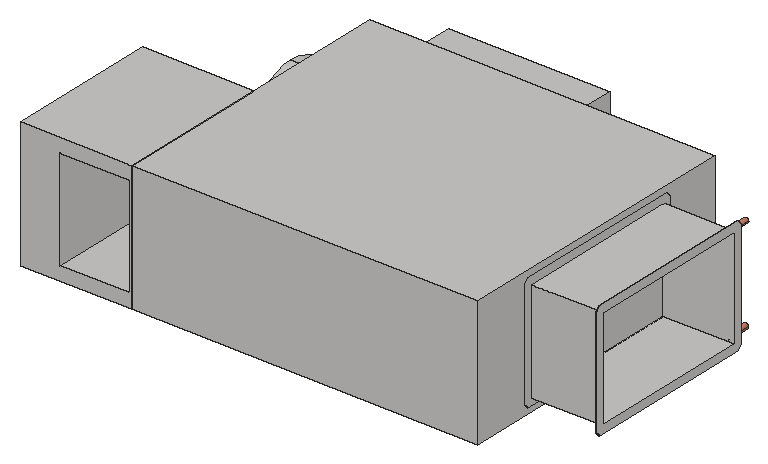
Revit family
Parameters
  Width = 3' - 1"
  Voltage = 277 V
  Unit Weight = if(and(Size Option = 1, Number of Rows = 1), "189.0 lbs", if(and(Size Option = 1, Number of Rows = 2), "192.0 lbs", if(and(Size Option = 2, Number of Rows = 1), "194.0 lbs", if(and(Size Option = 2, Number of Rows = 2), "197.0 lbs", "0"))))  # "194.0 lbs"
  UltraLoc Liner = Choose Liner Option = 3  # no
  URL = "http://www.titus-hvac.com/"
  UL = "181"
  Supply Air Flow [instance] = 0 CFM
  SteriLoc Liner = Choose Liner Option = 2  # no
  Size Option = 2
  Size C = Size Option = 2  # yes
  Size B = Size Option = 1  # no
  Secondary Material = Copper Connectors
  Primary Air Pressure Drop [instance] = 0.00 in-wg
  Primary Air Flow [instance] = 0 CFM
  Pressure [instance] = 0.00 psi
  Plenum Air Pressure Drop [instance] = 0.00 in-wg
  Plenum Air Flow [instance] = 0 CFM
  Outlet Width = 1' - 8 1/2"
  Outlet Height = 1' - 0 1/2"
  Number of Rows = 1
  Number of Poles = 1
  Nominal Width = Width + 0' 6 1/4"  # 3' - 7 1/4"
  Nominal Length = Length + 1' 1 7/8" + 0' 9"  # 5' - 5 7/8"
  Nominal Inlet Size = 1' - 0"
  Nominal Height = 1' - 4"
  NFPA = "90A"
  Motor Full Load Amps [instance] = 1.4 A
  Model = "DTFS-F"
  Min. Air Flow = 0 CFM
  Max. Air Flow = 2000 CFM
  Material = Galvanized Steel
  Manufacturer = "Titus"
  Length = 3' - 7"
  Juction Box Offset = 0' - 4 7/8"
  Inlet Diameter = Nominal Inlet Size - 0' 0 1/8"  # 0' - 11 7/8"
  Induced Air Inlet Width = 1' - 1 7/8"
  Induced Air Inlet Offset = (Height - Induced Air Inlet Connection Height) / 2  # 0' - 1 11/16"
  Induced Air Inlet Height = 1' - 7"
  Induced Air Inlet Connection Width = 0' - 8 3/4"
  Induced Air Inlet Connection Height = 1' - 0 5/8"
  Induced Air Filter = no
  Height = 1' - 4"
  Heating Total Capacity [instance] = 0 Btu/h
  Heating Entering Water Temp = 0 °F
  Half Outlet Connection Width = Outlet Width / 2  # 0' - 10 1/4"
  Half Outlet Connection Height = Outlet Height / 2  # 0' - 6 1/4"
  Half Height Start = -(Height / 2)  # -0' - 8"
  Half Height End = Height / 2  # 0' - 8"
  HWC Option = HWC Section : B-C - 1 Row
  HWC Connector Radius = 5/16"
  HP-Motor = "1/4"
  Gallons Per Minute [instance] = 0 GPM
  Frequency = 60 Hz
  Flange Offset = 0' - 1"
  Filter Size = "11\"x14\""
  Fiber Free Liner = Choose Liner Option = 1  # no
  Fan Disconnect Switch = no
  Duct Radius = Nominal Inlet Size / 2  # 0' - 6"
  Description = "Ultra Quiet Series Fan Powered Terminal Unit, Direct Digital Control, Pressure Independent"
  Connector Vertical Offset = 0' - 11 3/4"
  HWC Connector Length = 0' - 3"
  Connector Horizontal Offset = if(Number of Rows = 1, 0' 0", if(Number of Rows = 2, 0' 1", 0' 0"))  # 0' - 0"
  Connection Void Radius = Connection Radius - 0' 0 1/4"  # 0' - 5 11/16"
  Connection Radius = Inlet Diameter / 2  # 0' - 5 15/16"
  Choose Liner Option = 0
  CADworks URL = "www.CADworks.net"
  Assembly Code = "D3040100"
  Apparent Power [instance] = Voltage * Motor Full Load Amps  # 387.8 VA
  Air Inlet Offset = 0' - 8"
  1/2" Fiberglass Liner = Choose Liner Option = 0  # yes
  1" Fiberglass Liner = Choose Liner Option = 4  # no
Reference planes (in)
  plane 1 "Center (Front/Back)": y = 0
  plane 2: z = 0
  plane 3 "Center (Left/Right)": x = 3
  plane 4: x = -18.5
  plane 5: x = 24.5
  plane 6: x = -13.625
  plane 7: x = -21.875
  plane 8: z = 0
  plane 9: y = -18.5
  plane 10: y = 18.5
  plane 11: y = 10.5
  plane 12: z = 0
  plane 13: x = 33.5
  plane 14: x = 32.5
  plane 15: y = 13.25
  plane 16: y = 10.25
  plane 17: z = 5.875
  plane 18: z = -5.875
  plane 19: x = 32.5
  plane 20: y = 24.75
  plane 21: x = -32.375
  plane 22: z = 8
  plane 23: z = -8
Forms (in)
  Extrusion 1, solid, material "Galvanized Steel" <- "Material"
    sketch origin (0, 0, 0) x (1, 0, 0) y (0, 1, 0)
      loop
        line (-18.5, 18.5) -> (-18.5, -18.5) -> (24.5, -18.5) -> (24.5, 18.5) -> (-18.5, 18.5)
    from -8 <- "Half Height Start" to 8 <- "Half Height End"
  Extrusion 2, solid, material "Galvanized Steel" <- "Material"
    sketch origin (0, 0, 0) x (1, 0, 0) y (0, 1, 0)
      loop
        line (-32.375, 0.5) -> (-32.375, -18.5) -> (-18.5, -18.5) -> (-18.5, 0.5) -> (-32.375, 0.5)
    from -8 <- "Half Height Start" to 8 <- "Half Height End"
  Extrusion 3, void
    sketch origin (0, -18.5, 0) x (1, 0, 0) y (0, 0, -1)
      loop
        line (-18.75, 6.3125) -> (-27.5, 6.3125) -> (-27.5, -6.3125) -> (-18.75, -6.3125) -> (-18.75, 6.3125)
    from 0 to 16
  Extrusion 4, solid, material "Galvanized Steel" <- "Material"
    sketch origin (5, 0, 30) x (1, 0, 0) y (0, 1, 0)
      loop
        line (-18.625, 18.5) -> (1.375, 18.5) -> (1.375, 24.75) -> (-18.625, 24.75) -> (-18.625, 18.5)
    from -36 to -24
  Extrusion 5, solid, material "Galvanized Steel" <- "Material"
    sketch origin (-24.875, -2, 0) x (0, 0, -1) y (0, 1, 0)
      loop
        circle (0, 12.5) r 5.9375
    from 3 to 6.375
  Extrusion 6, void
    sketch origin (-24.875, 0, 0) x (0, 1, 0) y (0, 0, 1)
      loop
        circle (10.5, 0) r 5.6875
    from 3 to 11.25
  Extrusion 7, void, detail levels fine
    sketch origin (33.5, -10.25, 6.25) x (0, 0, 1) y (0, -1, 0)
      loop
        line (-12.5, 0) -> (-12.5, -20.5) -> (0, -20.5) -> (0, 0) -> (-12.5, 0)
    from -0.0625 to 0
  Extrusion 8, solid, material "Copper Connectors" <- "Secondary Material", detail levels fine
    sketch origin (0, 0, 0) x (1, 0, 0) y (0, 0, 1)
      loop
        circle (32.5, 5.875) r 0.3125
    from -13.25 to -10.3125
  Extrusion 9, solid, material "Copper Connectors" <- "Secondary Material", detail levels fine
    sketch origin (0, 0, 0) x (1, 0, 0) y (0, 0, 1)
      loop
        circle (32.5, -5.875) r 0.3125
    from -13.25 to -10.3125
Cuts and joins
  Extrusion 3 cuts Extrusion 2
  Extrusion 6 cuts Extrusion 1
  Extrusion 6 cuts Extrusion 5
Dimensions and locks (in)
  "Length": plane 5 to plane 4
  equal spacing: plane 5, plane 3 "Center (Left/Right)", plane 4
  locked: Extrusion 4 to plane 6 at 0
  locked: Extrusion 4 to Extrusion 4 at 20
  "Juction Box Offset": plane 6 to plane 4
  locked: plane 4 to plane 7 at 3.375
  "Width": plane 9 to plane 10
  equal spacing: plane 9, plane 1 "Center (Front/Back)", plane 10
  locked: Extrusion 5 sketch curve to level at 0
  locked: Extrusion 5 sketch curve to plane 11 at 0
  locked: Extrusion 6 sketch curve to level at 0
  locked: Extrusion 6 sketch curve to plane 11 at 0
  locked: Extrusion 4 to Extrusion 4 at 6.25
  locked: Extrusion 4 to Extrusion 4 at 12
  equal spacing: Extrusion 4, plane 8, Extrusion 4
  "Air Inlet Offset": plane 10 to plane 11
  "Induced Air Inlet Height": cut or joined group of Extrusion 2, Extrusion 3 to cut or joined group of Extrusion 2, Extrusion 3
  locked: cut or joined group of Extrusion 5, Extrusion 6 to cut or joined group of Extrusion 5, Extrusion 6 at 3.375
  "Induced Air Inlet Connection Height": Extrusion 3 sketch curve to Extrusion 3 sketch curve
  "Induced Air Inlet Offset": Extrusion 3 sketch curve to cut or joined group of Extrusion 2, Extrusion 3
  "Induced Air Inlet Connection Width": Extrusion 3 sketch curve to Extrusion 3 sketch curve
  locked: Extrusion 3 sketch curve to cut or joined group of Extrusion 1, Extrusion 6 at 0.25
  locked: plane 5 to plane 13 at 9
  locked: plane 14 to plane 13 at 1
  locked: plane 17 to plane 18 at 11.75
  equal spacing: plane 17, plane 12, plane 18
  "Connector Horizontal Offset": plane 19 to plane 14
  "HWC Connector Length": plane 16 to plane 15
  locked: cut or joined group of Extrusion 2, Extrusion 3 to cut or joined group of Extrusion 2, Extrusion 3 at 16
  equal spacing: cut or joined group of Extrusion 2, Extrusion 3, plane 12, cut or joined group of Extrusion 2, Extrusion 3
  locked: cut or joined group of Extrusion 1, Extrusion 6 to cut or joined group of Extrusion 2, Extrusion 3 at 16
  equal spacing: cut or joined group of Extrusion 1, Extrusion 6, plane 12, cut or joined group of Extrusion 1, Extrusion 6
  locked: cut or joined group of Extrusion 2, Extrusion 3 to cut or joined group of Extrusion 2, Extrusion 3 at 13.875
  locked: nested 1 to cut or joined group of Extrusion 1, Extrusion 6 at 1.6875
  locked: cut or joined group of Extrusion 1, Extrusion 6 to nested 1 at 1.6875
  "Connection Radius": radius of Extrusion 5 sketch curve
  "Connection Void Radius": radius of Extrusion 6 sketch curve
  "HWC Connector Radius": radius of Extrusion 8 sketch curve
  "HWC Connector Radius": radius of Extrusion 9 sketch curve
  aligned and locked: plane 10 to Extrusion 4
  aligned and locked: plane 7 to cut or joined group of Extrusion 5, Extrusion 6
  aligned and locked: plane 9 to cut or joined group of Extrusion 2, Extrusion 3  (x3)
  aligned and locked: nested 1 to Extrusion 8
  aligned and locked: plane 15 to Extrusion 8
  aligned and locked: nested 1 to Extrusion 9
  aligned and locked: plane 15 to Extrusion 9
  aligned and locked: plane 5 to cut or joined group of Extrusion 1, Extrusion 6
  aligned and locked: cut or joined group of Extrusion 1, Extrusion 6 to plane 10
  aligned and locked: plane 9 to cut or joined group of Extrusion 1, Extrusion 6
  aligned and locked: cut or joined group of Extrusion 1, Extrusion 6 to plane 4
  aligned and locked: cut or joined group of Extrusion 1, Extrusion 6 to nested 1
  aligned and locked: cut or joined group of Extrusion 5, Extrusion 6 to cut or joined group of Extrusion 1, Extrusion 6
  aligned and locked: cut or joined group of Extrusion 2, Extrusion 3 to cut or joined group of Extrusion 1, Extrusion 6
  aligned and locked: plane 6 to Extrusion 6
  aligned and locked: Extrusion 6 to plane 7
  aligned and locked: plane 22 to cut or joined group of Extrusion 2, Extrusion 3
  aligned and locked: plane 22 to cut or joined group of Extrusion 1, Extrusion 6
  aligned and locked: plane 23 to cut or joined group of Extrusion 2, Extrusion 3
  aligned and locked: plane 23 to cut or joined group of Extrusion 1, Extrusion 6
  aligned and locked: plane 20 to Extrusion 4
  aligned and locked: plane 13 to nested 1
  aligned and locked: plane 21 to cut or joined group of Extrusion 2, Extrusion 3
Automatic sketch dimensions
  Extrusion 1 sketch curve to plane 4 = 0' - 0"
  Extrusion 1 sketch curve to plane 5 = 0' - 0"
  Extrusion 1 sketch curve to plane 9 = 0' - 0"
  Extrusion 1 sketch curve to plane 10 = 0' - 0"
  Extrusion 2 sketch curve to plane 4 = 0' - 0"
  Extrusion 2 sketch curve to plane 9 = 0' - 0"
  Extrusion 2 sketch curve to plane 1 "Center (Front/Back)" = 0' - 0 1/2"
  Extrusion 4 sketch curve to plane 6 = 0' - 0"
  Extrusion 4 sketch curve to plane 10 = 0' - 0"
  plane 3 "Center (Left/Right)" to Extrusion 4 sketch curve = 0' - 3 3/8"
  Extrusion 4 sketch curve to plane 10 = 0' - 6 1/4"
  Extrusion 2 sketch curve to plane 7 = 0' - 10 1/2"
  Extrusion 7 sketch curve to nested 1 = 0' - 0"  (x4)
  Extrusion 8 sketch curve to plane 17 = 0' - 0"
  Extrusion 8 sketch curve to plane 19 = 0' - 0"
  Extrusion 9 sketch curve to plane 14 = 0' - 0"
  Extrusion 9 sketch curve to plane 18 = 0' - 0"
Nested families (in)
  nested 1: "HWC Section" at (29, 0, 0) x (0, 1, 0) z (0, 0, 1), type <- "HWC Option", type "B-C - 1 Row"
Connectors (in)
  electrical at (-3.625, 24.75, 0), driven by "Apparent Power", driven by "Voltage", driven by "Number of Poles"
    settings: on Extrusion 4, index 8
  hvac at (-21.875, 10.5, 0), driven by "Duct Radius", driven by "Primary Air Pressure Drop", driven by "Primary Air Flow"
    settings: on cut or joined group of Extrusion 5, Extrusion 6, index 9
  hvac at (-23.125, -18.5, 0), driven by "Induced Air Inlet Connection Height", driven by "Induced Air Inlet Connection Width", driven by "Plenum Air Pressure Drop", driven by "Plenum Air Flow"
    settings: on cut or joined group of Extrusion 2, Extrusion 3, index 10
  hvac at (33.5, 0, 0), driven by "Outlet Height", driven by "Outlet Width", driven by "Supply Air Flow"
    settings: on Extrusion 7, index 11
  piping at (32.5, 13.25, 5.875), driven by "Gallons Per Minute", driven by "Pressure", driven by "HWC Connector Radius"
    settings: on Extrusion 8, index 12
  piping at (32.5, 13.25, -5.875), driven by "Gallons Per Minute", driven by "HWC Connector Radius", driven by "Pressure"
    settings: on Extrusion 9, index 13
Definition of nested family "HWC Section"
  Parameters (values of type "B-C - 1 Row")
    Visibility = yes
    Secondary Material = Copper Connectors
    Number of Rows = 1
    Material = Galvanized Steel
    Half Width = HWC Width / 2  # 0' - 10 1/4"
    Half Length-Start = -(HWC Length / 2)  # -0' - 4 1/2"
    Half Length-End = HWC Length / 2  # 0' - 4 1/2"
    HWC Connection Radius = 5/16"
    Flange Offset = 0' - 1"
    Duct Vertical Offset = HWC Height - 0' 0 1/2"  # 1' - 0"
    Duct Horizontal Offset = HWC Width - 0' 0 1/2"  # 1' - 8"
    Connector Vertical Offset = 0' - 11 3/4"
    HWC Width = 1' - 8 1/2"
    HWC Height = 1' - 0 1/2"
    HWC Length = 0' - 9"  # constant formula
    Gallons Per Minute = 0 GPM
    Connector Length = 0' - 3"
    Connector Horizontal Offset = 0' - 0"
  Types (5): name | Number of Rows | Half Width | Flange Offset | Duct Vertical Offset | Duct Horizontal Offset | Connector Vertical Offset | HWC Width | HWC Height | Connector Horizontal Offset
    (no name) | 1 | 0' - 10 1/4" | 0' - 1" | 1' - 0" | 1' - 8" | 0' - 11 3/4" | 1' - 8 1/2" | 1' - 0 1/2" | 0' - 0"
    B-C - 1 Row | 1 | 0' - 10 1/4" | 0' - 1" | 1' - 0" | 1' - 8" | 0' - 11 3/4" | 1' - 8 1/2" | 1' - 0 1/2" | 0' - 0"
    B-C - 2 Row | 2 | 0' - 10 1/4" | 0' - 1" | 1' - 0" | 1' - 8" | 0' - 11 3/4" | 1' - 8 1/2" | 1' - 0 1/2" | 0' - 1"
    D-E - 1 Row | 1 | 1' - 0 1/2" | 0' - 1 1/4" | 1' - 5" | 2' - 0 1/2" | 1' - 4 1/4" | 2' - 1" | 1' - 5 1/2" | 0' - 0"
    D-E - 2 Row | 2 | 1' - 0 1/2" | 0' - 1 1/4" | 1' - 5" | 2' - 0 1/2" | 1' - 4 3/4" | 2' - 1" | 1' - 5 1/2" | 0' - 1"
  Reference planes (in)
    plane 1 "Center (Front/Back)": y = 0
    plane 2: z = 0
    plane 3 "Center (Left/Right)": x = 0
    plane 4: x = -10.25
    plane 5: x = 10.25
    plane 6: y = 4.5
    plane 7: y = -4.5
    plane 8: z = 6.25
    plane 9: z = -6.25
    plane 10: z = 5.875
    plane 11: z = -5.875
    plane 12: y = 3.5
    plane 13: y = 3.5
    plane 14: x = 13.25
  Forms (in)
    Extrusion 1, solid, material "Galvanized Steel" <- "Material", visible <- "Visibility"
      sketch origin (0, 0, 0) x (1, 0, 0) y (0, 0, 1)
        loop
          line (-10.3125, 6.3125) -> (-10.3125, -6.3125) -> (10.3125, -6.3125) -> (10.3125, 6.3125) -> (-10.3125, 6.3125)
      from -4.375 <- "Half Length-Start" to 4.5 <- "Half Length-End"
    Extrusion 2, void, detail levels fine
      sketch origin (0, 0, 0) x (1, 0, 0) y (0, 0, 1)
        loop
          line (-10.25, -6.25) -> (10.25, -6.25) -> (10.25, 6.25) -> (-10.25, 6.25) -> (-10.25, -6.25)
      from -4.5 <- "Half Length-Start" to 4.5 <- "Half Length-End"
    Extrusion 3, solid, material "Copper Connectors" <- "Secondary Material", visible <- "Visibility"
      sketch origin (6, 2.625, 0) x (0, 1, 0) y (0, 0, 1)
        loop
          circle (0.875, -5.875) r 0.3125
      from 4.3125 to 7.25
    Extrusion 4, solid, material "Galvanized Steel" <- "Material", visible <- "Visibility"
      sketch origin (0, -4.375, 0) x (1, 0, 0) y (0, 0, 1)
        loop
          line (-10.25, 6.25) -> (-10.25, -6.25) -> (10.25, -6.25) -> (10.25, 6.25) -> (-10.25, 6.25)
        loop
          line (-11.25, 6.75) -> (-11.25, -6.75) -> (-10.75, -7.25) -> (10.75, -7.25) -> (11.25, -6.75) -> (11.25, 6.75) -> (10.75, 7.25) -> (-10.75, 7.25) -> (-11.25, 6.75)
      from 0 to 0.125
    Extrusion 5, solid, material "Copper Connectors" <- "Secondary Material", visible <- "Visibility"
      sketch origin (6, -0.5, 0) x (0, 1, 0) y (0, 0, 1)
        loop
          circle (4, 5.875) r 0.3125
      from 4.3125 to 7.25
    Extrusion 6, solid, material "Galvanized Steel" <- "Material", visible <- "Visibility"
      sketch origin (0, 4.375, 0) x (1, 0, 0) y (0, 0, -1)
        loop
          line (-10.25, -6.25) -> (10.25, -6.25) -> (10.25, 6.25) -> (-10.25, 6.25) -> (-10.25, -6.25)
        loop
          line (-11.25, -6.75) -> (-10.75, -7.25) -> (10.75, -7.25) -> (11.25, -6.75) -> (11.25, 6.75) -> (10.75, 7.25) -> (-10.75, 7.25) -> (-11.25, 6.75) -> (-11.25, -6.75)
      from 0 to 0.125
  Cuts and joins
    Extrusion 2 cuts Extrusion 1
    joined: Extrusion 1, Extrusion 4, Extrusion 6
  Dimensions and locks (in)
    "HWC Width": plane 4 to plane 5
    equal spacing: plane 4, plane 3 "Center (Left/Right)", plane 5
    "HWC Height": plane 8 to plane 9
    equal spacing: plane 8, plane 2, plane 9
    equal spacing: plane 10, plane 2, plane 11
    locked: plane 12 to plane 6 at 1
    "Connector Horizontal Offset": plane 13 to plane 12
    locked: plane 7 to Extrusion 4 at 0.125
    locked: Extrusion 6 to plane 6 at 0.125
    locked: plane 4 to Extrusion 1 sketch curve at 0.0625
    locked: Extrusion 4 to Extrusion 1 sketch curve at 0.0625
    locked: Extrusion 1 sketch curve to plane 8 at 0.0625
    locked: plane 9 to Extrusion 1 sketch curve at 0.0625
    "Connector Length": plane 5 to plane 14
    "HWC Length": plane 6 to plane 7
    equal spacing: plane 6, plane 1 "Center (Front/Back)", plane 7
    "Connector Vertical Offset": plane 10 to plane 11
    equal spacing: plane 10, level, plane 11
    "HWC Width": Extrusion 4 sketch curve to Extrusion 4 sketch curve
    equal spacing: Extrusion 4 sketch curve, plane 3 "Center (Left/Right)", Extrusion 4 sketch curve
    "HWC Height": Extrusion 4 sketch curve to Extrusion 4 sketch curve
    equal spacing: Extrusion 4 sketch curve, plane 2, Extrusion 4 sketch curve
    "Flange Offset": cut or joined group of Extrusion 1, Extrusion 2, Extrusion 4, Extrusion 6 to plane 8
    "Flange Offset": plane 9 to cut or joined group of Extrusion 1, Extrusion 2, Extrusion 4, Extrusion 6
    locked: cut or joined group of Extrusion 1, Extrusion 2, Extrusion 4, Extrusion 6 to plane 4 at 1  (x2)
    locked: cut or joined group of Extrusion 1, Extrusion 2, Extrusion 4, Extrusion 6 to plane 5 at 1  (x2)
    "HWC Width": Extrusion 6 sketch curve to Extrusion 6 sketch curve
    "HWC Height": Extrusion 6 sketch curve to Extrusion 6 sketch curve
    equal spacing: Extrusion 6 sketch curve, plane 3 "Center (Left/Right)", Extrusion 6 sketch curve
    equal spacing: Extrusion 6 sketch curve, plane 2, Extrusion 6 sketch curve
    "HWC Height": Extrusion 2 sketch curve to Extrusion 2 sketch curve
    "HWC Width": Extrusion 2 sketch curve to Extrusion 2 sketch curve
    equal spacing: Extrusion 2 sketch curve, plane 3 "Center (Left/Right)", Extrusion 2 sketch curve
    equal spacing: Extrusion 2 sketch curve, plane 2, Extrusion 2 sketch curve
    locked: plane 5 to Extrusion 3 at 0.0625
    locked: plane 5 to Extrusion 5 at 0.0625
    "Flange Offset": Extrusion 6 sketch curve to plane 8  (x2)
    "Flange Offset": plane 9 to Extrusion 6 sketch curve  (x2)
    "HWC Connection Radius": radius of Extrusion 3 sketch curve
    "HWC Connection Radius": radius of Extrusion 5 sketch curve
    aligned and locked: plane 7 to Extrusion 4
    aligned and locked: plane 6 to Extrusion 6
    aligned and locked: plane 14 to Extrusion 5
    aligned and locked: plane 14 to Extrusion 3
    aligned and locked: Extrusion 6 to cut or joined group of Extrusion 1, Extrusion 2, Extrusion 4, Extrusion 6
    aligned and locked: Extrusion 4 to Extrusion 4
  Automatic sketch dimensions
    Extrusion 3 sketch curve to plane 11 = 0' - 0"
    Extrusion 3 sketch curve to plane 12 = 0' - 0"
    plane 4 to Extrusion 4 sketch curve = 0' - 1"
    plane 4 to Extrusion 4 sketch curve = 0' - 0 1/2"  (x2)
    Extrusion 4 sketch curve to plane 5 = 0' - 0 1/2"  (x2)
    Extrusion 4 sketch curve to Extrusion 4 sketch curve = 0' - 0 1/2"  (x3)
    Extrusion 4 sketch curve to plane 9 = 0' - 0 1/2"  (x2)
    plane 8 to Extrusion 4 sketch curve = 0' - 0 1/2"  (x2)
    Extrusion 5 sketch curve to plane 10 = 0' - 0"
    Extrusion 5 sketch curve to plane 13 = 0' - 0"
    plane 4 to Extrusion 6 sketch curve = 0' - 1"
    plane 4 to Extrusion 6 sketch curve = 0' - 0 1/2"  (x2)
    Extrusion 6 sketch curve to plane 5 = 0' - 0 1/2"  (x2)
    Extrusion 6 sketch curve to Extrusion 6 sketch curve = 0' - 0 1/2"  (x2)
    plane 8 to Extrusion 6 sketch curve = 0' - 0 1/2"  (x2)
    Extrusion 6 sketch curve to plane 9 = 0' - 0 1/2"
